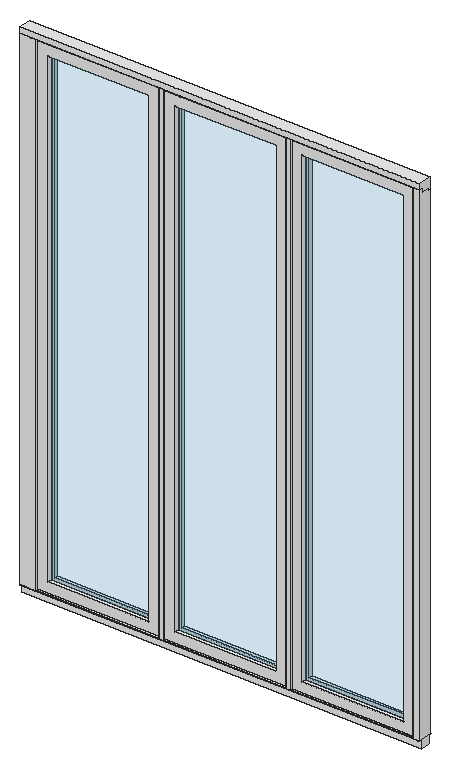
Revit family "Window-NanaWall-SL-73", category Windows, host Wall, Revit 2013 (continued)
Definition of nested family "Sill_SL-73"
  Definition of nested family "Sill_SL73"
    Lines and regions (in)
      detail lines, style "DetailComponents", in view "Ref. Level"
        curve 134: arc (0.2874, -0.90206, 0) -> (0.28045, -0.90252, 0) -> (0.27586, -0.89728, 0) r 0.00787
        curve 135: arc (0.25306, -0.81218, 0) -> (0.25645, -0.7951, 0) -> (0.27207, -0.7874, 0) r 0.01969
        curve 136: arc (-0.2874, -1.62549, 0) -> (-0.28045, -1.62504, 0) -> (-0.27586, -1.63028, 0) r 0.00787
        curve 137: arc (-0.38189, -1.68005, 0) -> (-0.38976, -1.68005, 0) -> (-0.3937, -1.67323, 0) r 0.00787
        curve 138: arc (-0.3937, -1.49213, 0) -> (-0.38976, -1.48531, 0) -> (-0.38189, -1.48531, 0) r 0.00787
        curve 139: arc (-0.27559, -1.53304, 0) -> (-0.27953, -1.53986, 0) -> (-0.2874, -1.53986, 0) r 0.00787
        curve 140: arc (-0.29528, -1.44439, 0) -> (-0.28087, -1.4588, 0) -> (-0.27559, -1.47849, 0) r 0.03937
        curve 141: arc (-0.27559, -1.04907, 0) -> (-0.28087, -1.06876, 0) -> (-0.29528, -1.08317, 0) r 0.03937
        curve 142: arc (-0.2874, -0.9877, 0) -> (-0.27953, -0.9877, 0) -> (-0.27559, -0.99452, 0) r 0.00787
        curve 143: arc (-0.38189, -1.04225, 0) -> (-0.38976, -1.04225, 0) -> (-0.3937, -1.03543, 0) r 0.00787
        curve 144: arc (-0.3937, -0.85433, 0) -> (-0.38976, -0.84751, 0) -> (-0.38189, -0.84751, 0) r 0.00787
        curve 145: arc (-0.27586, -0.89728, 0) -> (-0.28045, -0.90252, 0) -> (-0.2874, -0.90206, 0) r 0.00787
        curve 146: arc (-0.27207, -0.7874, 0) -> (-0.25645, -0.7951, 0) -> (-0.25306, -0.81218, 0) r 0.01969
        curve 147: arc (-0.18549, -1.74311, 0) -> (-0.19533, -1.74047, 0) -> (-0.20253, -1.73327, 0) r 0.01969
        curve 148: arc (0.20253, -1.73327, 0) -> (0.19533, -1.74047, 0) -> (0.18549, -1.74311, 0) r 0.01969
        curve 149: arc (0.3937, -1.65846, 0) -> (0.39139, -1.66403, 0) -> (0.38583, -1.66634, 0) r 0.00787
        curve 150: arc (0.38583, -1.49902, 0) -> (0.39139, -1.50132, 0) -> (0.3937, -1.50689, 0) r 0.00787
        curve 151: arc (0.21447, -1.56299, 0) -> (0.22888, -1.54858, 0) -> (0.24856, -1.54331, 0) r 0.03937
        curve 152: arc (-0.24856, -1.54331, 0) -> (-0.22888, -1.54858, 0) -> (-0.21447, -1.56299, 0) r 0.03937
        curve 153: arc (-0.3937, -1.50689, 0) -> (-0.39139, -1.50132, 0) -> (-0.38583, -1.49902, 0) r 0.00787
        curve 154: arc (-0.38583, -1.66634, 0) -> (-0.39139, -1.66403, 0) -> (-0.3937, -1.65846, 0) r 0.00787
        curve 155: arc (-0.12866, -1.67224, 0) -> (-0.14834, -1.66697, 0) -> (-0.16275, -1.65256, 0) r 0.03937
        curve 156: arc (0.16275, -1.65256, 0) -> (0.14834, -1.66697, 0) -> (0.12866, -1.67224, 0) r 0.03937
        curve 157: arc (-0.27811, -1.62205, 0) -> (-0.26827, -1.62468, 0) -> (-0.26106, -1.63189, 0) r 0.01969
        curve 158: arc (0.26106, -1.63189, 0) -> (0.26827, -1.62468, 0) -> (0.27811, -1.62205, 0) r 0.01969
        curve 159: arc (0.18549, -0.78445, 0) -> (0.19533, -0.78709, 0) -> (0.20253, -0.79429, 0) r 0.01969
        curve 160: arc (-0.20253, -0.79429, 0) -> (-0.19533, -0.78709, 0) -> (-0.18549, -0.78445, 0) r 0.01969
        curve 161: arc (-0.3937, -0.86909, 0) -> (-0.39139, -0.86353, 0) -> (-0.38583, -0.86122, 0) r 0.00787
        curve 162: arc (-0.38583, -1.02854, 0) -> (-0.39139, -1.02624, 0) -> (-0.3937, -1.02067, 0) r 0.00787
        curve 163: arc (-0.21447, -0.96457, 0) -> (-0.22888, -0.97898, 0) -> (-0.24856, -0.98425, 0) r 0.03937
        curve 164: arc (0.24856, -0.98425, 0) -> (0.22888, -0.97898, 0) -> (0.21447, -0.96457, 0) r 0.03937
        curve 165: arc (0.3937, -1.02067, 0) -> (0.39139, -1.02624, 0) -> (0.38583, -1.02854, 0) r 0.00787
        curve 166: arc (0.38583, -0.86122, 0) -> (0.39139, -0.86353, 0) -> (0.3937, -0.86909, 0) r 0.00787
        curve 167: arc (0.12866, -0.85531, 0) -> (0.14834, -0.86059, 0) -> (0.16275, -0.875, 0) r 0.03937
        curve 168: arc (-0.16275, -0.875, 0) -> (-0.14834, -0.86059, 0) -> (-0.12866, -0.85531, 0) r 0.03937
        curve 169: arc (0.27811, -0.90551, 0) -> (0.26827, -0.90287, 0) -> (0.26106, -0.89567, 0) r 0.01969
        curve 170: arc (-0.26106, -0.89567, 0) -> (-0.26827, -0.90287, 0) -> (-0.27811, -0.90551, 0) r 0.01969
        curve 171: arc (1.65354, 0, 0) -> (1.66746, 0.00577, 0) -> (1.67323, 0.01969, 0) r 0.01969
        curve 172: arc (0.60956, -0.2072, 0) -> (0.60566, -0.19981, 0) -> (0.59784, -0.19685, 0) r 0.01181
        curve 173: arc (0.54389, -0.19685, 0) -> (0.53607, -0.19981, 0) -> (0.53217, -0.2072, 0) r 0.01181
        curve 174: arc (0.46457, 0.00394, 0) -> (0.42913, 0.03937, 0) -> (0.3937, 0.00394, 0) r 0.03543
        curve 175: arc (0.27207, -0.7874, 0) -> (0.25645, -0.7951, 0) -> (0.25306, -0.81218, 0) r 0.01969
        curve 176: arc (0.27586, -0.89728, 0) -> (0.28045, -0.90252, 0) -> (0.2874, -0.90206, 0) r 0.00787
        curve 177: arc (0.38189, -0.84751, 0) -> (0.38976, -0.84751, 0) -> (0.3937, -0.85433, 0) r 0.00787
        curve 178: arc (0.3937, -1.03543, 0) -> (0.38976, -1.04225, 0) -> (0.38189, -1.04225, 0) r 0.00787
        curve 179: arc (0.2874, -0.9877, 0) -> (0.27953, -0.9877, 0) -> (0.27559, -0.99452, 0) r 0.00787
        curve 180: arc (0.27559, -1.04907, 0) -> (0.28087, -1.06876, 0) -> (0.29528, -1.08317, 0) r 0.03937
        curve 181: arc (0.29528, -1.44439, 0) -> (0.28087, -1.4588, 0) -> (0.27559, -1.47849, 0) r 0.03937
        curve 182: arc (0.27559, -1.53304, 0) -> (0.27953, -1.53986, 0) -> (0.2874, -1.53986, 0) r 0.00787
        curve 183: arc (0.38189, -1.48531, 0) -> (0.38976, -1.48531, 0) -> (0.3937, -1.49213, 0) r 0.00787
        curve 184: arc (0.3937, -1.67323, 0) -> (0.38976, -1.68005, 0) -> (0.38189, -1.68005, 0) r 0.00787
        curve 185: arc (0.2874, -1.62549, 0) -> (0.28045, -1.62504, 0) -> (0.27586, -1.63028, 0) r 0.00787
        curve 186: arc (0.25306, -1.71538, 0) -> (0.25645, -1.73246, 0) -> (0.27207, -1.74016, 0) r 0.01969
        curve 187: arc (0.3937, -1.74016, 0) -> (0.40293, -1.76243, 0) -> (0.4252, -1.77165, 0) r 0.0315
        curve 188: arc (0.3937, 1.75674, 0) -> (0.38909, 1.74561, 0) -> (0.37795, 1.74099, 0) r 0.01575
        curve 189: arc (0.27611, 1.7843, 0) -> (0.28834, 1.78269, 0) -> (0.29973, 1.77797, 0) r 0.04724
        curve 190: arc (-0.45721, 1.77797, 0) -> (-0.44582, 1.78269, 0) -> (-0.43359, 1.7843, 0) r 0.04724
        curve 191: arc (-0.53543, 1.74099, 0) -> (-0.54657, 1.74561, 0) -> (-0.55118, 1.75674, 0) r 0.01575
        curve 192: arc (-0.55118, 1.29444, 0) -> (-0.54657, 1.30557, 0) -> (-0.53543, 1.31019, 0) r 0.01575
        curve 193: arc (-0.43359, 1.26688, 0) -> (-0.44582, 1.26849, 0) -> (-0.45721, 1.27321, 0) r 0.04724
        curve 194: arc (0.29973, 1.27321, 0) -> (0.28834, 1.26849, 0) -> (0.27611, 1.26688, 0) r 0.04724
        curve 195: arc (0.37795, 1.31019, 0) -> (0.38909, 1.30557, 0) -> (0.3937, 1.29444, 0) r 0.01575
        curve 196: arc (0.3937, 1.16058, 0) -> (0.38909, 1.14945, 0) -> (0.37795, 1.14483, 0) r 0.01575
        curve 197: arc (0.27611, 1.18814, 0) -> (0.28834, 1.18653, 0) -> (0.29973, 1.18181, 0) r 0.04724
        curve 198: arc (-0.45721, 1.18181, 0) -> (-0.44582, 1.18653, 0) -> (-0.43359, 1.18814, 0) r 0.04724
        curve 199: arc (-0.53543, 1.14483, 0) -> (-0.54657, 1.14945, 0) -> (-0.55118, 1.16058, 0) r 0.01575
        curve 200: arc (0.3622, 1.65748, 0) -> (0.31488, 1.67708, 0) -> (0.29528, 1.72441, 0) r 0.06693
        curve 201: arc (0.29528, 1.76691, 0) -> (0.30315, 1.77478, 0) -> (0.31102, 1.76691, 0) r 0.00787
        curve 202: arc (0.77643, 2.70454, 0) -> (0.91553, 2.64165, 0) -> (0.97244, 2.5, 0) r 0.20472
        curve 203: arc (0.76772, 2.77559, 0) -> (0.96259, 2.69487, 0) -> (1.04331, 2.5, 0) r 0.27559
        curve 204: arc (0.85989, 1.06299, 0) -> (0.9516, 1.0689, 0) -> (1.04331, 1.06299, 0) r 0.71502
        curve 205: arc (0.84672, 1.11214, 0) -> (0.84808, 1.11897, 0) -> (0.85433, 1.12205, 0) r 0.00787
        curve 206: arc (0.54331, 1.12205, 0) -> (0.54955, 1.11897, 0) -> (0.55091, 1.11214, 0) r 0.00787
        curve 207: arc (0.37412, 1.06401, 0) -> (0.38261, 1.06691, 0) -> (0.39069, 1.06299, 0) r 0.01181
        curve 208: arc (0.27628, 1.05545, 0) -> (0.2729, 1.0559, 0) -> (0.27002, 1.05773, 0) r 0.00787
        curve 209: arc (0.25394, 1.06892, 0) -> (0.25846, 1.06802, 0) -> (0.26229, 1.06546, 0) r 0.01181
        curve 210: arc (0.24803, 1.06892, 0) -> (0.22576, 1.07815, 0) -> (0.21654, 1.10042, 0) r 0.0315
        curve 211: arc (0.28464, 1.11704, 0) -> (0.28042, 1.11073, 0) -> (0.27323, 1.10829, 0) r 0.01181
        curve 212: arc (0.2994, 1.17214, 0) -> (0.30201, 1.17619, 0) -> (0.30649, 1.17796, 0) r 0.00787
        curve 213: arc (0.30649, 1.17796, 0) -> (0.31087, 1.17696, 0) -> (0.31399, 1.17373, 0) r 0.00787
        curve 214: arc (0.31399, 1.17373, 0) -> (0.31488, 1.16993, 0) -> (0.31382, 1.16616, 0) r 0.00787
        curve 215: arc (0.3357, 1.15353, 0) -> (0.34284, 1.14789, 0) -> (0.34807, 1.14044, 0) r 0.0315
        curve 216: arc (0.3937, 1.12598, 0) -> (0.36784, 1.12361, 0) -> (0.34807, 1.14044, 0) r 0.03346
        curve 217: arc (0.31102, 1.28427, 0) -> (0.30315, 1.2764, 0) -> (0.29528, 1.28427, 0) r 0.00787
        curve 218: arc (0.29528, 1.32677, 0) -> (0.31488, 1.3741, 0) -> (0.3622, 1.3937, 0) r 0.06693
        curve 219: arc (-0.50555, 1.14044, 0) -> (-0.52532, 1.12361, 0) -> (-0.55118, 1.12598, 0) r 0.03346
        curve 220: arc (-0.50555, 1.14044, 0) -> (-0.50032, 1.14789, 0) -> (-0.49318, 1.15353, 0) r 0.0315
        curve 221: arc (-0.46423, 1.17797, 0) -> (-0.45959, 1.17627, 0) -> (-0.45688, 1.17214, 0) r 0.00787
        curve 222: arc (-0.47158, 1.17352, 0) -> (-0.46857, 1.17683, 0) -> (-0.46423, 1.17797, 0) r 0.00787
        curve 223: arc (-0.4713, 1.16616, 0) -> (-0.47235, 1.16981, 0) -> (-0.47158, 1.17352, 0) r 0.00787
        curve 224: arc (-0.43071, 1.10829, 0) -> (-0.4379, 1.11073, 0) -> (-0.44212, 1.11704, 0) r 0.01181
        curve 225: arc (-0.37402, 1.10042, 0) -> (-0.38324, 1.07815, 0) -> (-0.40551, 1.06892, 0) r 0.0315
        curve 226: arc (-0.41977, 1.06546, 0) -> (-0.41594, 1.06802, 0) -> (-0.41142, 1.06892, 0) r 0.01181
        curve 227: arc (-0.4275, 1.05773, 0) -> (-0.43038, 1.0559, 0) -> (-0.43376, 1.05545, 0) r 0.00787
        curve 228: arc (-0.54817, 1.06299, 0) -> (-0.54009, 1.06691, 0) -> (-0.5316, 1.06401, 0) r 0.01181
        curve 229: arc (-0.59055, 1.06299, 0) -> (-0.61839, 1.07452, 0) -> (-0.62992, 1.10236, 0) r 0.03937
        curve 230: arc (-0.88583, 0.98819, 0) -> (-0.89159, 0.97427, 0) -> (-0.90551, 0.9685, 0) r 0.01969
        curve 231: arc (-0.90551, 0.77165, 0) -> (-0.89159, 0.76589, 0) -> (-0.88583, 0.75197, 0) r 0.01969
        curve 232: arc (-0.88583, 0.70472, 0) -> (-0.89736, 0.67689, 0) -> (-0.9252, 0.66535, 0) r 0.03937
        curve 233: arc (-1.08268, 0.5194, 0) -> (-1.09302, 0.4928, 0) -> (-1.11862, 0.48018, 0) r 0.03937
        curve 234: arc (-1.2202, 0.52158, 0) -> (-1.21885, 0.52842, 0) -> (-1.2126, 0.5315, 0) r 0.00787
        curve 235: arc (-1.52362, 0.5315, 0) -> (-1.51738, 0.52842, 0) -> (-1.51602, 0.52158, 0) r 0.00787
        curve 236: arc (-1.7126, 0.47244, 0) -> (-1.62089, 0.47835, 0) -> (-1.52918, 0.47244, 0) r 0.71502
        curve 237: arc (-0.4685, 1.76691, 0) -> (-0.46745, 1.77084, 0) -> (-0.46457, 1.77373, 0) r 0.00787
        curve 238: arc (-0.46457, 1.77373, 0) -> (-0.45669, 1.77373, 0) -> (-0.45276, 1.76691, 0) r 0.00787
        curve 239: arc (-0.45276, 1.72441, 0) -> (-0.47236, 1.67708, 0) -> (-0.51969, 1.65748, 0) r 0.06693
        curve 240: arc (-0.51969, 1.3937, 0) -> (-0.47236, 1.3741, 0) -> (-0.45276, 1.32677, 0) r 0.06693
        curve 241: arc (-0.46457, 1.27746, 0) -> (-0.46745, 1.28034, 0) -> (-0.4685, 1.28427, 0) r 0.00787
        curve 242: arc (-0.45276, 1.28427, 0) -> (-0.45669, 1.27746, 0) -> (-0.46457, 1.27746, 0) r 0.00787
        curve 243: arc (-1.56299, 1.29528, 0) -> (-1.57452, 1.26744, 0) -> (-1.60236, 1.25591, 0) r 0.03937
        curve 244: arc (-1.14961, 1.00787, 0) -> (-1.13, 1.0552, 0) -> (-1.08268, 1.0748, 0) r 0.06693
        curve 245: arc (-0.95276, 1.25591, 0) -> (-0.93315, 1.30323, 0) -> (-0.88583, 1.32283, 0) r 0.06693
        curve 246: arc (0.85989, 1.06299, 0) -> (0.9516, 1.0689, 0) -> (1.04331, 1.06299, 0) r 0.71502
        curve 247: arc (0.61811, 2.31102, 0) -> (0.5847, 2.32486, 0) -> (0.57087, 2.35827, 0) r 0.04724
        curve 248: arc (0.33852, 2.16913, 0) -> (0.33412, 2.17974, 0) -> (0.33852, 2.19034, 0) r 0.015
        curve 249: arc (0.39223, 2.24406, 0) -> (0.39662, 2.25466, 0) -> (0.39223, 2.26527, 0) r 0.015
        curve 250: arc (0.33852, 2.31898, 0) -> (0.33412, 2.32959, 0) -> (0.33852, 2.3402, 0) r 0.015
        curve 251: arc (0.39223, 2.39391, 0) -> (0.39662, 2.40452, 0) -> (0.39223, 2.41512, 0) r 0.015
        curve 252: arc (0.33852, 2.46884, 0) -> (0.33412, 2.47944, 0) -> (0.33852, 2.49005, 0) r 0.015
        curve 253: arc (0.39223, 2.54376, 0) -> (0.39662, 2.55437, 0) -> (0.39223, 2.56497, 0) r 0.015
        curve 254: arc (0.33852, 2.61869, 0) -> (0.33412, 2.62929, 0) -> (0.33852, 2.6399, 0) r 0.015
        curve 255: arc (0.39223, 2.69361, 0) -> (0.39662, 2.70422, 0) -> (0.39223, 2.71483, 0) r 0.015
        curve 256: arc (0.33852, 2.76854, 0) -> (0.33412, 2.77915, 0) -> (0.33852, 2.78975, 0) r 0.015
        curve 257: arc (0.39223, 2.84347, 0) -> (0.39662, 2.85407, 0) -> (0.39223, 2.86468, 0) r 0.015
        curve 258: arc (0.32352, 2.93339, 0) -> (0.32122, 2.95165, 0) -> (0.33833, 2.9584, 0) r 0.015
        curve 259: arc (0.64913, 2.86928, 0) -> (0.66482, 2.85849, 0) -> (0.67086, 2.84044, 0) r 0.03
        curve 260: arc (0.62023, 2.69216, 0) -> (0.62561, 2.70103, 0) -> (0.63597, 2.70036, 0) r 0.01
        curve 261: arc (0.5781, 2.59376, 0) -> (0.56206, 2.58304, 0) -> (0.55586, 2.56478, 0) r 0.03
        curve 262: arc (0.55586, 2.51002, 0) -> (0.56206, 2.49176, 0) -> (0.5781, 2.48104, 0) r 0.03
        curve 263: arc (0.63597, 2.37445, 0) -> (0.62561, 2.37377, 0) -> (0.62023, 2.38264, 0) r 0.01
        curve 264: arc (-0.9618, 2.55309, 0) -> (-0.96235, 2.58878, 0) -> (-0.93382, 2.61024, 0) r 0.03937
        curve 265: arc (-0.96158, 2.68308, 0) -> (-0.91317, 2.76901, 0) -> (-0.82314, 2.80929, 0) r 0.15748
        curve 266: arc (-0.94339, 2.66452, 0) -> (-0.95737, 2.66901, 0) -> (-0.96158, 2.68308, 0) r 0.01575
        curve 267: arc (-0.83291, 2.87943, 0) -> (-0.79166, 2.84943, 0) -> (-0.82314, 2.80929, 0) r 0.03543
        curve 268: arc (-0.82367, 2.68564, 0) -> (-0.79174, 2.66328, 0) -> (-0.8141, 2.63136, 0) r 0.02756
        curve 269: arc (-0.79497, 2.2372, 0) -> (-0.80811, 2.19464, 0) -> (-0.85067, 2.20778, 0) r 0.0315
        curve 270: arc (-1.61417, 2.07874, 0) -> (-1.62809, 2.08451, 0) -> (-1.63386, 2.09843, 0) r 0.01969
        curve 271: arc (-1.49633, 2.07874, 0) -> (-1.4323, 2.05222, 0) -> (-1.40578, 1.98819, 0) r 0.09055
        curve 272: arc (-1.38963, 1.93748, 0) -> (-1.40121, 1.94423, 0) -> (-1.40578, 1.95684, 0) r 0.01969
        curve 273: arc (-1.12849, 1.88842, 0) -> (-1.10101, 1.90741, 0) -> (-1.08201, 1.87993, 0) r 0.02362
        curve 274: arc (-1.08909, 1.84118, 0) -> (-1.10546, 1.81585, 0) -> (-1.13494, 1.80953, 0) r 0.03937
        curve 275: arc (-1.14401, 1.80369, 0) -> (-1.14063, 1.80841, 0) -> (-1.13494, 1.80953, 0) r 0.00787
        curve 276: arc (-1.14401, 1.80369, 0) -> (-1.17118, 1.78613, 0) -> (-1.19039, 1.81216, 0) r 0.02362
        curve 277: arc (-1.1968, 1.82083, 0) -> (-1.19188, 1.81776, 0) -> (-1.19039, 1.81216, 0) r 0.00787
        curve 278: arc (-1.49989, 1.9016, 0) -> (-1.51146, 1.90834, 0) -> (-1.51602, 1.92093, 0) r 0.01965
        curve 279: arc (-1.51602, 1.93701, 0) -> (-1.51025, 1.95093, 0) -> (-1.49633, 1.95669, 0) r 0.01969
        curve 280: arc (-1.47665, 1.97638, 0) -> (-1.48241, 1.96246, 0) -> (-1.49633, 1.95669, 0) r 0.01969
        curve 281: arc (-1.49633, 2.00787, 0) -> (-1.48241, 2.00211, 0) -> (-1.47665, 1.98819, 0) r 0.01969
        curve 282: arc (-1.65748, 2.00787, 0) -> (-1.66325, 1.99395, 0) -> (-1.67717, 1.98819, 0) r 0.01969
        curve 283: arc (-1.10876, 2.77529, 0) -> (-1.08092, 2.76376, 0) -> (-1.06939, 2.73592, 0) r 0.03937
        curve 284: arc (-1.06939, 2.69655, 0) -> (-1.07515, 2.68263, 0) -> (-1.08907, 2.67687, 0) r 0.01968
        curve 285: arc (-1.08907, 2.51938, 0) -> (-1.07515, 2.51362, 0) -> (-1.06939, 2.4997, 0) r 0.01969
        curve 286: arc (-1.06939, 2.47214, 0) -> (-1.08092, 2.4443, 0) -> (-1.10876, 2.43277, 0) r 0.03937
        curve 287: arc (-1.1875, 2.43277, 0) -> (-1.21533, 2.4443, 0) -> (-1.22687, 2.47214, 0) r 0.03937
        curve 288: arc (-1.14401, 1.80369, 0) -> (-1.17118, 1.78613, 0) -> (-1.19039, 1.81216, 0) r 0.02362
        curve 289: arc (-1.19039, 1.81216, 0) -> (-1.19188, 1.81776, 0) -> (-1.1968, 1.82083, 0) r 0.00787
        curve 290: arc (-1.49989, 1.9016, 0) -> (-1.51146, 1.90834, 0) -> (-1.51602, 1.92094, 0) r 0.01965
        curve 291: arc (-1.51602, 1.93701, 0) -> (-1.51025, 1.95093, 0) -> (-1.49633, 1.95669, 0) r 0.01969
        curve 292: arc (-1.49633, 1.95669, 0) -> (-1.48241, 1.96246, 0) -> (-1.47665, 1.97638, 0) r 0.01969
        curve 293: arc (-1.47665, 1.98819, 0) -> (-1.48241, 2.00211, 0) -> (-1.49633, 2.00787, 0) r 0.01969
        curve 294: arc (-1.65748, 2.00787, 0) -> (-1.66325, 1.99395, 0) -> (-1.67717, 1.98819, 0) r 0.01969
        curve 295: arc (-1.10876, 2.77529, 0) -> (-1.08092, 2.76376, 0) -> (-1.06939, 2.73592, 0) r 0.03937
        curve 296: arc (-1.06939, 2.69655, 0) -> (-1.07515, 2.68263, 0) -> (-1.08907, 2.67687, 0) r 0.01968
        curve 297: arc (-1.08907, 2.51938, 0) -> (-1.07515, 2.51362, 0) -> (-1.06939, 2.4997, 0) r 0.01969
        curve 298: arc (-1.06939, 2.47214, 0) -> (-1.08092, 2.4443, 0) -> (-1.10876, 2.43277, 0) r 0.03937
        curve 299: arc (-1.1875, 2.43277, 0) -> (-1.21533, 2.4443, 0) -> (-1.22687, 2.47214, 0) r 0.03937
        curve 300: arc (-1.63386, 2.09843, 0) -> (-1.62809, 2.08451, 0) -> (-1.61417, 2.07874, 0) r 0.01969
        curve 301: arc (-1.49633, 2.07874, 0) -> (-1.4323, 2.05222, 0) -> (-1.40578, 1.98819, 0) r 0.09055
        curve 302: arc (-1.40578, 1.95684, 0) -> (-1.40121, 1.94423, 0) -> (-1.38963, 1.93748, 0) r 0.01969
        curve 303: arc (-1.12849, 1.88842, 0) -> (-1.10101, 1.90741, 0) -> (-1.08201, 1.87993, 0) r 0.02362
        curve 304: line (0.61024, 0.18862, 0) -> (0.61024, 0.50394, 0)
        curve 305: line (0.61793, 0.18486, 0) -> (0.62992, 0.19685, 0)
        curve 306: line (0.62992, 0.19685, 0) -> (0.62992, 0.56693, 0)
        curve 307: line (0.61024, 0.65354, 0) -> (0.61024, 0.71085, 0)
        curve 308: line (0.62992, 0.65354, 0) -> (0.62992, 0.7343, 0)
        curve 309: line (0.61024, 0.59843, 0) -> (0.61024, 0.61811, 0)
        curve 310: line (0.61024, 0.53543, 0) -> (0.61024, 0.56693, 0)
        curve 311: line (0.61024, 0.56693, 0) -> (0.59514, 0.07838, 0)
        curve 312: line (0.62992, 0.59843, 0) -> (0.62992, 0.61811, 0)
        curve 313: line (-0.41339, 0.09843, 0) -> (-0.46459, 0.09843, 0)
        curve 314: line (-0.61794, 0.18487, 0) -> (-0.62992, 0.19685, 0)
        curve 315: line (-0.62994, 0.09843, 0) -> (-0.62994, -0.27559, 0)
        curve 316: line (-0.62994, -0.27559, 0) -> (-0.66932, -0.27559, 0)
        curve 317: line (-0.66932, -0.27559, 0) -> (-0.66932, 0.09843, 0)
        curve 318: line (-0.47246, 0.09843, 0) -> (-0.47246, -0.27559, 0)
        curve 319: line (-0.47246, -0.27559, 0) -> (-0.51183, -0.27559, 0)
        curve 320: line (-0.51183, -0.27559, 0) -> (-0.51183, 0.09843, 0)
        curve 321: line (0.51179, 0.09843, 0) -> (0.51179, -0.27559, 0)
        curve 322: line (0.51179, -0.27559, 0) -> (0.47242, -0.27559, 0)
        curve 323: line (0.47242, -0.27559, 0) -> (0.47242, 0.09843, 0)
        curve 324: line (0.66927, 0.09843, 0) -> (0.66927, -0.27559, 0)
        curve 325: line (0.66927, -0.27559, 0) -> (0.6299, -0.27559, 0)
        curve 326: line (0.6299, -0.27559, 0) -> (0.6299, 0.09843, 0)
        curve 327: line (0.6815, 0.56693, 0) -> (0.66444, 0.07837, 0)
        curve 328: line (0.64685, 0.56693, 0) -> (0.62979, 0.07841, 0)
        curve 329: line (0.69882, 0.56693, 0) -> (0.69882, 0.07874, 0)
        curve 330: line (0.78543, 0.56693, 0) -> (0.80249, 0.07837, 0)
        curve 331: line (0.75079, 0.56693, 0) -> (0.76785, 0.07837, 0)
        curve 332: line (0.71614, 0.56693, 0) -> (0.7332, 0.07837, 0)
        curve 333: line (0.84646, 0.61811, 0) -> (0.84646, 0.56693, 0)
        curve 334: line (0.84646, 0.56693, 0) -> (0.55118, 0.56693, 0)
        curve 335: line (0.55118, 0.56693, 0) -> (0.55118, 0.61811, 0)
        curve 336: line (0.55118, 0.61811, 0) -> (0.84646, 0.61811, 0)
        curve 337: line (-1.38543, 0.56693, 0) -> (-1.40249, 0.07837, 0)
        curve 338: line (-1.42008, 0.56693, 0) -> (-1.43713, 0.07874, 0)
        curve 339: line (-1.45472, 0.56693, 0) -> (-1.47177, 0.07874, 0)
        curve 340: line (-1.36811, 0.56693, 0) -> (-1.36811, 0.07874, 0)
        curve 341: line (-1.2815, 0.56693, 0) -> (-1.26444, 0.07837, 0)
        curve 342: line (-1.31614, 0.56693, 0) -> (-1.29909, 0.07874, 0)
        curve 343: line (-1.35079, 0.56693, 0) -> (-1.33374, 0.07874, 0)
        curve 344: line (-1.48819, 0.56693, 0) -> (-1.51575, 0.56693, 0)
        curve 345: line (-1.51575, 0.56693, 0) -> (-1.51575, 0.61811, 0)
        curve 346: line (-1.51575, 0.61811, 0) -> (-1.22047, 0.61811, 0)
        curve 347: line (-1.22047, 0.61811, 0) -> (-1.22047, 0.56693, 0)
        curve 348: line (-1.22047, 0.56693, 0) -> (-1.51575, 0.56693, 0)
        curve 349: line (-1.51575, 0.56693, 0) -> (-1.51575, 0.61811, 0)
        curve 350: line (-1.51575, 0.61811, 0) -> (-1.22047, 0.61811, 0)
        curve 351: line (-1.22047, 0.61811, 0) -> (-1.22047, 0.56693, 0)
        curve 352: line (-1.22047, 0.56693, 0) -> (-1.24803, 0.56693, 0)
        curve 353: line (-1.19094, 0.65354, 0) -> (-1.54528, 0.65354, 0)
        curve 354: line (-1.17126, 0.63386, 0) -> (-1.17126, 0.55118, 0)
        curve 355: line (-1.19094, 0.5315, 0) -> (-1.23031, 0.5315, 0)
        curve 356: line (-1.23031, 0.5315, 0) -> (-1.21238, 0.46457, 0)
        curve 357: line (-1.21238, 0.46457, 0) -> (-1.24016, 0.46457, 0)
        curve 358: line (-1.27953, 0.53543, 0) -> (-1.27953, 0.50394, 0)
        curve 359: line (-1.56496, 0.55118, 0) -> (-1.56496, 0.63386, 0)
        curve 360: line (-1.49606, 0.46457, 0) -> (-1.52384, 0.46457, 0)
        curve 361: line (-1.52384, 0.46457, 0) -> (-1.50591, 0.5315, 0)
        curve 362: line (-1.50591, 0.5315, 0) -> (-1.54528, 0.5315, 0)
        curve 363: line (-1.45669, 0.50394, 0) -> (-1.45669, 0.53543, 0)
        curve 364: line (0.67717, -0.34252, 0) -> (0.46457, -0.34252, 0)
        curve 365: line (0.46457, -0.34252, 0) -> (0.46457, -1.14961, 0)
        curve 366: line (0.46457, -1.14961, 0) -> (0.62205, -1.14961, 0)
        curve 367: line (0.62205, -1.14961, 0) -> (0.62205, -1.16929, 0)
        curve 368: line (0.58268, -1.20866, 0) -> (0.46457, -1.20866, 0)
        curve 369: line (0.46457, -1.20866, 0) -> (0.46457, -1.50787, 0)
        curve 370: line (0.46457, -1.50787, 0) -> (0.66425, -1.50787, 0)
        curve 371: line (0.72882, -1.33858, 0) -> (0.76024, -1.33858, 0)
        curve 372: line (0.76024, -1.33858, 0) -> (0.76706, -1.35041, 0)
        curve 373: line (0.84711, -1.35041, 0) -> (0.85394, -1.33858, 0)
        curve 374: line (0.85394, -1.33858, 0) -> (0.88536, -1.33858, 0)
        curve 375: line (0.94992, -1.50787, 0) -> (1.09449, -1.50787, 0)
        curve 376: line (1.09449, -1.50787, 0) -> (1.09449, -1.13976, 0)
        curve 377: line (1.09449, -1.13976, 0) -> (0.93307, -1.13976, 0)
        curve 378: line (0.86614, -1.07283, 0) -> (0.86614, -0.50197, 0)
        curve 379: line (0.93307, -0.43504, 0) -> (1.09449, -0.43504, 0)
        curve 380: line (1.09449, -0.43504, 0) -> (1.09449, 0, 0)
        curve 381: line (1.09449, 0, 0) -> (0.9552, 0, 0)
        curve 382: line (0.88536, -0.15748, 0) -> (0.85394, -0.15748, 0)
        curve 383: line (0.85394, -0.15748, 0) -> (0.84711, -0.14565, 0)
        curve 384: line (0.76706, -0.14565, 0) -> (0.76024, -0.15748, 0)
        curve 385: line (0.76024, -0.15748, 0) -> (0.74409, -0.15748, 0)
        curve 386: line (0.74409, -0.15748, 0) -> (0.74409, -0.27559, 0)
        curve 387: line (-0.58268, -1.20866, 0) -> (-0.46457, -1.20866, 0)
        curve 388: line (-0.46457, -1.20866, 0) -> (-0.46457, -1.50787, 0)
        curve 389: line (-0.46457, -1.50787, 0) -> (-0.66425, -1.50787, 0)
        curve 390: line (-0.72882, -1.33858, 0) -> (-0.76024, -1.33858, 0)
        curve 391: line (-0.76024, -1.33858, 0) -> (-0.76706, -1.35041, 0)
        curve 392: line (-0.84711, -1.35041, 0) -> (-0.85394, -1.33858, 0)
        curve 393: line (-0.85394, -1.33858, 0) -> (-0.88536, -1.33858, 0)
        curve 394: line (-0.94992, -1.50787, 0) -> (-1.09449, -1.50787, 0)
        curve 395: line (-1.09449, -1.50787, 0) -> (-1.09449, -1.13976, 0)
        curve 396: line (-1.09449, -1.13976, 0) -> (-0.93307, -1.13976, 0)
        curve 397: line (-0.86614, -1.07283, 0) -> (-0.86614, -0.50197, 0)
        curve 398: line (-0.93307, -0.43504, 0) -> (-1.09449, -0.43504, 0)
        curve 399: line (-1.09449, -0.43504, 0) -> (-1.09449, 0, 0)
        curve 400: line (-1.09449, 0, 0) -> (-0.9552, 0, 0)
        curve 401: line (-0.88536, -0.15748, 0) -> (-0.85394, -0.15748, 0)
        curve 402: line (-0.85394, -0.15748, 0) -> (-0.84711, -0.14565, 0)
        curve 403: line (-0.76706, -0.14565, 0) -> (-0.76024, -0.15748, 0)
        curve 404: line (-0.76024, -0.15748, 0) -> (-0.74409, -0.15748, 0)
        curve 405: line (-0.74409, -0.15748, 0) -> (-0.74409, -0.27559, 0)
        curve 406: line (-0.67717, -0.34252, 0) -> (-0.46457, -0.34252, 0)
        curve 407: line (-0.46457, -0.34252, 0) -> (-0.46457, -1.14961, 0)
        curve 408: line (-0.46457, -1.14961, 0) -> (-0.62205, -1.14961, 0)
        curve 409: line (-0.62205, -1.14961, 0) -> (-0.62205, -1.16929, 0)
        curve 410: line (-0.27559, -1.04907, 0) -> (-0.27559, -0.99452, 0)
        curve 411: line (-0.27559, -0.99452, 0) -> (-0.27559, -1.04907, 0)
        curve 412: line (-0.29528, -1.44439, 0) -> (-0.3937, -1.38757, 0)
        curve 413: line (-0.3937, -1.38757, 0) -> (-0.3937, -1.13999, 0)
        curve 414: line (-0.3937, -1.13999, 0) -> (-0.29528, -1.08317, 0)
        curve 415: line (-0.29528, -1.08317, 0) -> (-0.3937, -1.13999, 0)
        curve 416: line (-0.3937, -1.13999, 0) -> (-0.3937, -1.38757, 0)
        curve 417: line (-0.3937, -1.38757, 0) -> (-0.29528, -1.44439, 0)
        curve 418: line (-0.27559, -1.53304, 0) -> (-0.27559, -1.47849, 0)
        curve 419: line (-0.27559, -1.47849, 0) -> (-0.27559, -1.53304, 0)
        curve 420: line (-0.38189, -1.48531, 0) -> (-0.2874, -1.53986, 0)
        curve 421: line (-0.2874, -1.53986, 0) -> (-0.38189, -1.48531, 0)
        curve 422: line (-0.3937, -1.67323, 0) -> (-0.3937, -1.49213, 0)
        curve 423: line (-0.3937, -1.49213, 0) -> (-0.3937, -1.67323, 0)
        curve 424: line (-0.27586, -1.63028, 0) -> (-0.25306, -1.71538, 0)
        curve 425: line (-0.27207, -1.74016, 0) -> (-0.3937, -1.74016, 0)
        curve 426: line (-0.4252, -1.77165, 0) -> (-0.59441, -1.77165, 0)
        curve 427: line (-0.59441, -1.77165, 0) -> (-0.61024, -1.7126, 0)
        curve 428: line (-0.61024, -1.7126, 0) -> (-0.46457, -1.7126, 0)
        curve 429: line (-0.46457, -1.7126, 0) -> (-0.46457, -1.5748, 0)
        curve 430: line (-0.46457, -1.5748, 0) -> (-0.78663, -1.5748, 0)
        curve 431: line (-0.78663, -1.5748, 0) -> (-0.80709, -1.56299, 0)
        curve 432: line (-0.80709, -1.56299, 0) -> (-0.82754, -1.5748, 0)
        curve 433: line (-0.82754, -1.5748, 0) -> (-1.09449, -1.5748, 0)
        curve 434: line (-1.09449, -1.5748, 0) -> (-1.09449, -1.7126, 0)
        curve 435: line (-1.09449, -1.7126, 0) -> (-1.00394, -1.7126, 0)
        curve 436: line (-1.00394, -1.7126, 0) -> (-1.01976, -1.77165, 0)
        curve 437: line (-1.01976, -1.77165, 0) -> (-1.16142, -1.77165, 0)
        curve 438: line (-1.16142, -1.77165, 0) -> (-1.16142, -1.00008, 0)
        curve 439: line (-1.16142, -1.00008, 0) -> (-1.10236, -0.98425, 0)
        curve 440: line (-1.10236, -0.98425, 0) -> (-1.10236, -1.07283, 0)
        curve 441: line (-1.10236, -1.07283, 0) -> (-0.93307, -1.07283, 0)
        curve 442: line (-0.93307, -1.07283, 0) -> (-0.93307, -0.80786, 0)
        curve 443: line (-0.93307, -0.80786, 0) -> (-0.92126, -0.7874, 0)
        curve 444: line (-0.92126, -0.7874, 0) -> (-0.93307, -0.76694, 0)
        curve 445: line (-0.93307, -0.76694, 0) -> (-0.93307, -0.50197, 0)
        curve 446: line (-0.93307, -0.50197, 0) -> (-1.10236, -0.50197, 0)
        curve 447: line (-1.10236, -0.50197, 0) -> (-1.10236, -0.59055, 0)
        curve 448: line (-1.10236, -0.59055, 0) -> (-1.16142, -0.57473, 0)
        curve 449: line (-1.16142, -0.57473, 0) -> (-1.16142, 0, 0)
        curve 450: line (-1.16142, 0, 0) -> (-1.65354, 0, 0)
        curve 451: line (-1.67323, 0.01969, 0) -> (-1.67323, 0.03937, 0)
        curve 452: line (-1.67323, 0.03937, 0) -> (-1.63386, 0.07874, 0)
        curve 453: line (-1.63386, 0.07874, 0) -> (-1.59055, 0.07874, 0)
        curve 454: line (-1.59055, 0.07874, 0) -> (-1.58268, 0.07087, 0)
        curve 455: line (-1.58268, 0.07087, 0) -> (-1.50394, 0.07087, 0)
        curve 456: line (-1.50394, 0.07087, 0) -> (-1.49606, 0.07874, 0)
        curve 457: line (-1.49606, 0.07874, 0) -> (-1.43307, 0.07874, 0)
        curve 458: line (-1.43307, 0.07874, 0) -> (-1.4252, 0.07087, 0)
        curve 459: line (-1.4252, 0.07087, 0) -> (-1.34646, 0.07087, 0)
        curve 460: line (-1.34646, 0.07087, 0) -> (-1.33858, 0.07874, 0)
        curve 461: line (-1.33858, 0.07874, 0) -> (-1.27559, 0.07874, 0)
        curve 462: line (-1.27559, 0.07874, 0) -> (-1.26772, 0.07087, 0)
        curve 463: line (-1.26772, 0.07087, 0) -> (-1.18898, 0.07087, 0)
        curve 464: line (-1.18898, 0.07087, 0) -> (-1.1811, 0.07874, 0)
        curve 465: line (-1.1811, 0.07874, 0) -> (-1.11811, 0.07874, 0)
        curve 466: line (-1.11811, 0.07874, 0) -> (-1.11024, 0.07087, 0)
        curve 467: line (-1.11024, 0.07087, 0) -> (-1.0315, 0.07087, 0)
        curve 468: line (-1.0315, 0.07087, 0) -> (-1.02362, 0.07874, 0)
        curve 469: line (-1.02362, 0.07874, 0) -> (-0.96063, 0.07874, 0)
        curve 470: line (-0.96063, 0.07874, 0) -> (-0.95276, 0.07087, 0)
        curve 471: line (-0.95276, 0.07087, 0) -> (-0.87402, 0.07087, 0)
        curve 472: line (-0.87402, 0.07087, 0) -> (-0.86614, 0.07874, 0)
        curve 473: line (-0.86614, 0.07874, 0) -> (-0.80315, 0.07874, 0)
        curve 474: line (-0.80315, 0.07874, 0) -> (-0.79528, 0.07087, 0)
        curve 475: line (-0.79528, 0.07087, 0) -> (-0.71654, 0.07087, 0)
        curve 476: line (-0.71654, 0.07087, 0) -> (-0.70866, 0.07874, 0)
        curve 477: line (-0.70866, 0.07874, 0) -> (-0.67717, 0.07874, 0)
        curve 478: line (-0.67717, 0.07874, 0) -> (-0.67717, -0.27559, 0)
        curve 479: line (-0.67717, -0.27559, 0) -> (-0.61811, -0.27559, 0)
        curve 480: line (-0.61811, -0.27559, 0) -> (-0.60956, -0.2072, 0)
        curve 481: line (-0.59784, -0.19685, 0) -> (-0.54389, -0.19685, 0)
        curve 482: line (-0.53217, -0.2072, 0) -> (-0.52362, -0.27559, 0)
        curve 483: line (-0.52362, -0.27559, 0) -> (-0.46457, -0.27559, 0)
        curve 484: line (-0.46457, -0.27559, 0) -> (-0.46457, 0.00394, 0)
        curve 485: line (-0.3937, 0.00394, 0) -> (-0.3937, -0.7874, 0)
        curve 486: line (-0.3937, -0.7874, 0) -> (-0.27207, -0.7874, 0)
        curve 487: line (-0.27207, -0.7874, 0) -> (-0.3937, -0.7874, 0)
        curve 488: line (-0.27586, -0.89728, 0) -> (-0.25306, -0.81218, 0)
        curve 489: line (-0.25306, -0.81218, 0) -> (-0.27586, -0.89728, 0)
        curve 490: line (-0.38189, -0.84751, 0) -> (-0.2874, -0.90206, 0)
        curve 491: line (-0.2874, -0.90206, 0) -> (-0.38189, -0.84751, 0)
        curve 492: line (-0.3937, -1.03543, 0) -> (-0.3937, -0.85433, 0)
        curve 493: line (-0.3937, -0.85433, 0) -> (-0.3937, -1.03543, 0)
        curve 494: line (0.29528, -1.44439, 0) -> (0.3937, -1.38757, 0)
        curve 495: line (0.3937, -1.38757, 0) -> (0.3937, -1.13999, 0)
        curve 496: line (0.3937, -1.13999, 0) -> (0.29528, -1.08317, 0)
        curve 497: line (0.29528, -1.08317, 0) -> (0.3937, -1.13999, 0)
        curve 498: line (0.3937, -1.13999, 0) -> (0.3937, -1.38757, 0)
        curve 499: line (0.3937, -1.38757, 0) -> (0.29528, -1.44439, 0)
        curve 500: line (0.3937, -1.03543, 0) -> (0.3937, -0.85433, 0)
        curve 501: line (0.3937, -0.85433, 0) -> (0.3937, -1.03543, 0)
        curve 502: line (0.3937, -1.67323, 0) -> (0.3937, -1.49213, 0)
        curve 503: line (0.3937, -1.49213, 0) -> (0.3937, -1.67323, 0)
        curve 504: line (0.27559, -1.04907, 0) -> (0.27559, -0.99452, 0)
        curve 505: line (0.27559, -0.99452, 0) -> (0.27559, -1.04907, 0)
        curve 506: line (0.27559, -1.53304, 0) -> (0.27559, -1.47849, 0)
        curve 507: line (0.27559, -1.47849, 0) -> (0.27559, -1.53304, 0)
        curve 508: line (0.27586, -0.89728, 0) -> (0.25306, -0.81218, 0)
        curve 509: line (0.25306, -0.81218, 0) -> (0.27586, -0.89728, 0)
        curve 510: line (0.3937, 0.00394, 0) -> (0.3937, -0.7874, 0)
        curve 511: line (0.3937, -0.7874, 0) -> (0.27207, -0.7874, 0)
        curve 512: line (0.27207, -0.7874, 0) -> (0.3937, -0.7874, 0)
        curve 513: line (0.18549, -1.74311, 0) -> (-0.18549, -1.74311, 0)
        curve 514: line (-0.12866, -1.67224, 0) -> (0.12866, -1.67224, 0)
        curve 515: line (0.38583, -1.66634, 0) -> (0.36457, -1.66634, 0)
        curve 516: line (0.36457, -1.66634, 0) -> (0.28785, -1.62205, 0)
        curve 517: line (0.28785, -1.62205, 0) -> (0.38189, -1.68005, 0)
        curve 518: line (0.38189, -1.68005, 0) -> (0.2874, -1.62549, 0)
        curve 519: line (0.2874, -1.62549, 0) -> (0.27811, -1.62205, 0)
        curve 520: line (-0.27811, -1.62205, 0) -> (-0.2874, -1.62549, 0)
        curve 521: line (-0.2874, -1.62549, 0) -> (-0.38189, -1.68005, 0)
        curve 522: line (-0.38189, -1.68005, 0) -> (-0.2874, -1.62549, 0)
        curve 523: line (-0.2874, -1.62549, 0) -> (-0.36457, -1.66634, 0)
        curve 524: line (-0.36457, -1.66634, 0) -> (-0.38583, -1.66634, 0)
        curve 525: line (-0.38583, -1.49902, 0) -> (-0.36457, -1.49902, 0)
        curve 526: line (-0.36457, -1.49902, 0) -> (-0.28785, -1.54331, 0)
        curve 527: line (-0.28785, -1.54331, 0) -> (-0.24856, -1.54331, 0)
        curve 528: line (0.24856, -1.54331, 0) -> (0.2874, -1.53986, 0)
        curve 529: line (0.2874, -1.53986, 0) -> (0.38189, -1.48531, 0)
        curve 530: line (0.38189, -1.48531, 0) -> (0.28785, -1.54331, 0)
        curve 531: line (0.28785, -1.54331, 0) -> (0.36457, -1.49902, 0)
        curve 532: line (0.36457, -1.49902, 0) -> (0.38583, -1.49902, 0)
        curve 533: line (0.26106, -1.63189, 0) -> (0.20253, -1.73327, 0)
        curve 534: line (0.16275, -1.65256, 0) -> (0.21447, -1.56299, 0)
        curve 535: line (0.3937, -1.50689, 0) -> (0.3937, -1.65846, 0)
        curve 536: line (-0.3937, -1.65846, 0) -> (-0.3937, -1.50689, 0)
        curve 537: line (-0.21447, -1.56299, 0) -> (-0.16275, -1.65256, 0)
        curve 538: line (-0.20253, -1.73327, 0) -> (-0.26106, -1.63189, 0)
        curve 539: line (0.3937, -0.86909, 0) -> (0.3937, -1.02067, 0)
        curve 540: line (0.20253, -0.79429, 0) -> (0.26106, -0.89567, 0)
        curve 541: line (0.21447, -0.96457, 0) -> (0.16275, -0.875, 0)
        curve 542: line (0.38583, -1.02854, 0) -> (0.36457, -1.02854, 0)
        curve 543: line (0.36457, -1.02854, 0) -> (0.28785, -0.98425, 0)
        curve 544: line (0.28785, -0.98425, 0) -> (0.38189, -1.04225, 0)
        curve 545: line (0.38189, -1.04225, 0) -> (0.2874, -0.9877, 0)
        curve 546: line (0.2874, -0.9877, 0) -> (0.24856, -0.98425, 0)
        curve 547: line (-0.24856, -0.98425, 0) -> (-0.2874, -0.9877, 0)
        curve 548: line (-0.2874, -0.9877, 0) -> (-0.38189, -1.04225, 0)
        curve 549: line (-0.38189, -1.04225, 0) -> (-0.2874, -0.9877, 0)
        curve 550: line (-0.2874, -0.9877, 0) -> (-0.36457, -1.02854, 0)
        curve 551: line (-0.36457, -1.02854, 0) -> (-0.38583, -1.02854, 0)
        curve 552: line (0.27811, -0.90551, 0) -> (0.28785, -0.90551, 0)
        curve 553: line (0.28785, -0.90551, 0) -> (0.38189, -0.84751, 0)
        curve 554: line (0.38189, -0.84751, 0) -> (0.2874, -0.90206, 0)
        curve 555: line (0.2874, -0.90206, 0) -> (0.36457, -0.86122, 0)
        curve 556: line (0.36457, -0.86122, 0) -> (0.38583, -0.86122, 0)
        curve 557: line (-0.38583, -0.86122, 0) -> (-0.36457, -0.86122, 0)
        curve 558: line (-0.36457, -0.86122, 0) -> (-0.28785, -0.90551, 0)
        curve 559: line (-0.28785, -0.90551, 0) -> (-0.27811, -0.90551, 0)
        curve 560: line (0.12866, -0.85531, 0) -> (-0.12866, -0.85531, 0)
        curve 561: line (-0.18549, -0.78445, 0) -> (0.18549, -0.78445, 0)
        curve 562: line (-0.16275, -0.875, 0) -> (-0.21447, -0.96457, 0)
        curve 563: line (-0.26106, -0.89567, 0) -> (-0.20253, -0.79429, 0)
        curve 564: line (-0.3937, -1.02067, 0) -> (-0.3937, -0.86909, 0)
        curve 565: line (1.67323, 0.01969, 0) -> (1.67323, 0.03937, 0)
        curve 566: line (1.67323, 0.03937, 0) -> (1.63386, 0.07874, 0)
        curve 567: line (1.63386, 0.07874, 0) -> (1.59055, 0.07874, 0)
        curve 568: line (1.59055, 0.07874, 0) -> (1.58268, 0.07087, 0)
        curve 569: line (1.58268, 0.07087, 0) -> (1.50394, 0.07087, 0)
        curve 570: line (1.50394, 0.07087, 0) -> (1.49606, 0.07874, 0)
        curve 571: line (1.49606, 0.07874, 0) -> (1.43307, 0.07874, 0)
        curve 572: line (1.43307, 0.07874, 0) -> (1.4252, 0.07087, 0)
        curve 573: line (1.4252, 0.07087, 0) -> (1.34646, 0.07087, 0)
        curve 574: line (1.34646, 0.07087, 0) -> (1.33858, 0.07874, 0)
        curve 575: line (1.33858, 0.07874, 0) -> (1.27559, 0.07874, 0)
        curve 576: line (1.27559, 0.07874, 0) -> (1.26772, 0.07087, 0)
        curve 577: line (1.26772, 0.07087, 0) -> (1.18898, 0.07087, 0)
        curve 578: line (1.18898, 0.07087, 0) -> (1.1811, 0.07874, 0)
        curve 579: line (1.1811, 0.07874, 0) -> (1.11811, 0.07874, 0)
        curve 580: line (1.11811, 0.07874, 0) -> (1.11024, 0.07087, 0)
        curve 581: line (1.11024, 0.07087, 0) -> (1.0315, 0.07087, 0)
        curve 582: line (1.0315, 0.07087, 0) -> (1.02362, 0.07874, 0)
        curve 583: line (1.02362, 0.07874, 0) -> (0.96063, 0.07874, 0)
        curve 584: line (0.96063, 0.07874, 0) -> (0.95276, 0.07087, 0)
        curve 585: line (0.95276, 0.07087, 0) -> (0.87402, 0.07087, 0)
        curve 586: line (0.87402, 0.07087, 0) -> (0.86614, 0.07874, 0)
        curve 587: line (0.86614, 0.07874, 0) -> (0.80315, 0.07874, 0)
        curve 588: line (0.80315, 0.07874, 0) -> (0.79528, 0.07087, 0)
        curve 589: line (0.79528, 0.07087, 0) -> (0.71654, 0.07087, 0)
        curve 590: line (0.71654, 0.07087, 0) -> (0.70866, 0.07874, 0)
        curve 591: line (0.70866, 0.07874, 0) -> (0.67717, 0.07874, 0)
        curve 592: line (0.67717, 0.07874, 0) -> (0.67717, -0.27559, 0)
        curve 593: line (0.67717, -0.27559, 0) -> (0.61811, -0.27559, 0)
        curve 594: line (0.61811, -0.27559, 0) -> (0.60956, -0.2072, 0)
        curve 595: line (0.59784, -0.19685, 0) -> (0.54389, -0.19685, 0)
        curve 596: line (0.53217, -0.2072, 0) -> (0.52362, -0.27559, 0)
        curve 597: line (0.52362, -0.27559, 0) -> (0.46457, -0.27559, 0)
        curve 598: line (0.46457, -0.27559, 0) -> (0.46457, 0.00394, 0)
        curve 599: line (0.27586, -1.63028, 0) -> (0.25306, -1.71538, 0)
        curve 600: line (0.27207, -1.74016, 0) -> (0.3937, -1.74016, 0)
        curve 601: line (0.4252, -1.77165, 0) -> (0.59441, -1.77165, 0)
        curve 602: line (0.59441, -1.77165, 0) -> (0.61024, -1.7126, 0)
        curve 603: line (0.61024, -1.7126, 0) -> (0.46457, -1.7126, 0)
        curve 604: line (0.46457, -1.7126, 0) -> (0.46457, -1.5748, 0)
        curve 605: line (0.46457, -1.5748, 0) -> (0.78663, -1.5748, 0)
        curve 606: line (0.78663, -1.5748, 0) -> (0.80709, -1.56299, 0)
        curve 607: line (0.80709, -1.56299, 0) -> (0.82754, -1.5748, 0)
        curve 608: line (0.82754, -1.5748, 0) -> (1.09449, -1.5748, 0)
        curve 609: line (1.09449, -1.5748, 0) -> (1.09449, -1.7126, 0)
        curve 610: line (1.09449, -1.7126, 0) -> (1.00394, -1.7126, 0)
        curve 611: line (1.00394, -1.7126, 0) -> (1.01976, -1.77165, 0)
        curve 612: line (1.01976, -1.77165, 0) -> (1.16142, -1.77165, 0)
        curve 613: line (1.16142, -1.77165, 0) -> (1.16142, -1.00008, 0)
        curve 614: line (1.16142, -1.00008, 0) -> (1.10236, -0.98425, 0)
        curve 615: line (1.10236, -0.98425, 0) -> (1.10236, -1.07283, 0)
        curve 616: line (1.10236, -1.07283, 0) -> (0.93307, -1.07283, 0)
        curve 617: line (0.93307, -1.07283, 0) -> (0.93307, -0.80786, 0)
        curve 618: line (0.93307, -0.80786, 0) -> (0.92126, -0.7874, 0)
        curve 619: line (0.92126, -0.7874, 0) -> (0.93307, -0.76694, 0)
        curve 620: line (0.93307, -0.76694, 0) -> (0.93307, -0.50197, 0)
        curve 621: line (0.93307, -0.50197, 0) -> (1.10236, -0.50197, 0)
        curve 622: line (1.10236, -0.50197, 0) -> (1.10236, -0.59055, 0)
        curve 623: line (1.10236, -0.59055, 0) -> (1.16142, -0.57473, 0)
        curve 624: line (1.16142, -0.57473, 0) -> (1.16142, 0, 0)
        curve 625: line (1.16142, 0, 0) -> (1.65354, 0, 0)
        curve 626: line (-0.55118, 1.75674, 0) -> (-0.55118, 1.8906, 0)
        curve 627: line (-0.55118, 1.8906, 0) -> (-0.55118, 1.75674, 0)
        curve 628: line (-0.55118, 1.75674, 0) -> (-0.55118, 1.73622, 0)
        curve 629: line (-0.55118, 1.73622, 0) -> (-0.52165, 1.73622, 0)
        curve 630: line (-0.51929, 1.73758, 0) -> (-0.4685, 1.76691, 0)
        curve 631: line (0.31102, 1.76691, 0) -> (0.36378, 1.74099, 0)
        curve 632: line (0.36378, 1.74099, 0) -> (0.37795, 1.74099, 0)
        curve 633: line (0.29973, 1.77797, 0) -> (0.31299, 1.77032, 0)
        curve 634: line (0.31299, 1.77032, 0) -> (0.36378, 1.74099, 0)
        curve 635: line (0.36417, 1.73622, 0) -> (0.3937, 1.73622, 0)
        curve 636: line (0.3937, 1.73622, 0) -> (0.3937, 1.75674, 0)
        curve 637: line (0.3937, 1.75674, 0) -> (0.3937, 1.8906, 0)
        curve 638: line (0.3937, 1.8906, 0) -> (0.3937, 1.75674, 0)
        curve 639: line (-0.43359, 1.7843, 0) -> (0.27611, 1.7843, 0)
        curve 640: line (-0.53543, 1.74099, 0) -> (-0.52126, 1.74099, 0)
        curve 641: line (-0.52126, 1.74099, 0) -> (-0.47047, 1.77032, 0)
        curve 642: line (-0.47047, 1.77032, 0) -> (-0.45721, 1.77797, 0)
        curve 643: line (-0.55118, 1.16058, 0) -> (-0.55118, 1.29444, 0)
        curve 644: line (0.3937, 1.16058, 0) -> (0.3937, 1.29444, 0)
        curve 645: line (0.3937, 1.29444, 0) -> (0.3937, 1.16058, 0)
        curve 646: line (0.3937, 1.16058, 0) -> (0.3937, 1.12598, 0)
        curve 647: line (-0.53543, 1.31019, 0) -> (-0.52126, 1.31019, 0)
        curve 648: line (-0.52126, 1.31019, 0) -> (-0.47047, 1.28087, 0)
        curve 649: line (-0.47047, 1.28087, 0) -> (-0.46457, 1.27746, 0)
        curve 650: line (-0.46457, 1.27746, 0) -> (-0.45721, 1.27321, 0)
        curve 651: line (-0.43359, 1.26688, 0) -> (0.27611, 1.26688, 0)
        curve 652: line (0.29973, 1.27321, 0) -> (0.31299, 1.28087, 0)
        curve 653: line (0.31299, 1.28087, 0) -> (0.36378, 1.31019, 0)
        curve 654: line (0.36378, 1.31019, 0) -> (0.37795, 1.31019, 0)
        curve 655: line (0.29973, 1.18181, 0) -> (0.30641, 1.17795, 0)
        curve 656: line (0.30641, 1.17795, 0) -> (0.3141, 1.17351, 0)
        curve 657: line (0.31708, 1.1718, 0) -> (0.33895, 1.15917, 0)
        curve 658: line (0.33895, 1.15917, 0) -> (0.36378, 1.14483, 0)
        curve 659: line (0.36378, 1.14483, 0) -> (0.37795, 1.14483, 0)
        curve 660: line (-0.43359, 1.18814, 0) -> (0.27611, 1.18814, 0)
        curve 661: line (-0.53543, 1.14483, 0) -> (-0.52126, 1.14483, 0)
        curve 662: line (-0.52126, 1.14483, 0) -> (-0.49643, 1.15917, 0)
        curve 663: line (-0.49643, 1.15917, 0) -> (-0.47456, 1.1718, 0)
        curve 664: line (-0.47158, 1.17351, 0) -> (-0.46389, 1.17795, 0)
        curve 665: line (-0.46389, 1.17795, 0) -> (-0.45721, 1.18181, 0)
        curve 666: line (0.29528, 1.72441, 0) -> (0.29528, 1.76691, 0)
        curve 667: line (0.97244, 2.5, 0) -> (0.97244, 1.98819, 0)
        curve 668: line (0.97244, 1.98819, 0) -> (0.83465, 1.98819, 0)
        curve 669: line (0.83465, 1.98819, 0) -> (0.83465, 1.94882, 0)
        curve 670: line (0.83465, 1.94882, 0) -> (0.97244, 1.92913, 0)
        curve 671: line (0.97244, 1.92913, 0) -> (0.97244, 1.79528, 0)
        curve 672: line (0.97244, 1.79528, 0) -> (0.47244, 1.79528, 0)
        curve 673: line (0.47244, 1.79528, 0) -> (0.47244, 1.92913, 0)
        curve 674: line (1.04331, 2.5, 0) -> (1.04331, 1.06299, 0)
        curve 675: line (0.84672, 1.11214, 0) -> (0.85989, 1.06299, 0)
        curve 676: line (0.54331, 1.12205, 0) -> (0.47244, 1.12205, 0)
        curve 677: line (0.47244, 1.12205, 0) -> (0.47244, 1.25591, 0)
        curve 678: line (0.47244, 1.25591, 0) -> (0.97244, 1.25591, 0)
        curve 679: line (0.97244, 1.25591, 0) -> (0.97244, 1.12205, 0)
        curve 680: line (0.97244, 1.12205, 0) -> (0.85433, 1.12205, 0)
        curve 681: line (0.39069, 1.06299, 0) -> (0.53774, 1.06299, 0)
        curve 682: line (0.53774, 1.06299, 0) -> (0.55091, 1.11214, 0)
        curve 683: line (0.37412, 1.06401, 0) -> (0.27628, 1.05545, 0)
        curve 684: line (0.27628, 1.05545, 0) -> (0.26229, 1.06546, 0)
        curve 685: line (0.21654, 1.10042, 0) -> (0.21654, 1.10829, 0)
        curve 686: line (0.21654, 1.10829, 0) -> (0.27323, 1.10829, 0)
        curve 687: line (0.28464, 1.11704, 0) -> (0.2994, 1.17214, 0)
        curve 688: line (0.31382, 1.16616, 0) -> (0.3357, 1.15353, 0)
        curve 689: line (0.3937, 1.29444, 0) -> (0.3937, 1.31496, 0)
        curve 690: line (0.3937, 1.31496, 0) -> (0.36417, 1.31496, 0)
        curve 691: line (0.36181, 1.3136, 0) -> (0.31102, 1.28427, 0)
        curve 692: line (0.29528, 1.28427, 0) -> (0.29528, 1.32677, 0)
        curve 693: line (0.3622, 1.3937, 0) -> (0.3937, 1.3937, 0)
        curve 694: line (0.3937, 1.3937, 0) -> (0.3937, 1.65748, 0)
        curve 695: line (0.3937, 1.65748, 0) -> (0.3622, 1.65748, 0)
        curve 696: line (0.47244, 1.32283, 0) -> (0.47244, 1.72835, 0)
        curve 697: line (0.47244, 1.72835, 0) -> (0.97244, 1.72835, 0)
        curve 698: line (0.97244, 1.72835, 0) -> (0.97244, 1.32283, 0)
        curve 699: line (0.97244, 1.32283, 0) -> (0.47244, 1.32283, 0)
        curve 700: line (-0.54817, 1.06299, 0) -> (-0.59055, 1.06299, 0)
        curve 701: line (-0.4713, 1.16616, 0) -> (-0.49318, 1.15353, 0)
        curve 702: line (-0.44212, 1.11704, 0) -> (-0.45688, 1.17214, 0)
        curve 703: line (-0.37402, 1.10042, 0) -> (-0.37402, 1.10829, 0)
        curve 704: line (-0.37402, 1.10829, 0) -> (-0.43071, 1.10829, 0)
        curve 705: line (-0.5316, 1.06401, 0) -> (-0.4275, 1.05773, 0)
        curve 706: line (-0.4275, 1.05773, 0) -> (-0.41977, 1.06546, 0)
        curve 707: line (-0.62992, 1.10236, 0) -> (-0.62992, 1.25591, 0)
        curve 708: line (-0.62992, 1.25591, 0) -> (-0.88583, 1.25591, 0)
        curve 709: line (-0.88583, 1.25591, 0) -> (-0.88583, 0.98819, 0)
        curve 710: line (-0.90551, 0.77165, 0) -> (-0.9252, 0.77165, 0)
        curve 711: line (-0.9252, 0.77165, 0) -> (-0.9252, 0.73228, 0)
        curve 712: line (-0.9252, 0.73228, 0) -> (-1.08268, 0.73228, 0)
        curve 713: line (-1.08268, 0.73228, 0) -> (-1.08268, 1.00787, 0)
        curve 714: line (-1.08268, 1.00787, 0) -> (-0.9252, 1.00787, 0)
        curve 715: line (-0.9252, 1.00787, 0) -> (-0.9252, 0.9685, 0)
        curve 716: line (-0.9252, 0.9685, 0) -> (-0.90551, 0.9685, 0)
        curve 717: line (-0.88583, 0.75197, 0) -> (-0.88583, 0.70472, 0)
        curve 718: line (-0.9252, 0.66535, 0) -> (-1.08268, 0.66535, 0)
        curve 719: line (-1.08268, 0.66535, 0) -> (-1.08268, 0.5194, 0)
        curve 720: line (-1.2202, 0.52158, 0) -> (-1.20704, 0.47244, 0)
        curve 721: line (-1.20704, 0.47244, 0) -> (-1.11862, 0.48018, 0)
        curve 722: line (-1.52362, 0.5315, 0) -> (-1.64173, 0.5315, 0)
        curve 723: line (-1.64173, 0.5315, 0) -> (-1.64173, 0.66535, 0)
        curve 724: line (-1.64173, 0.66535, 0) -> (-1.14173, 0.66535, 0)
        curve 725: line (-1.14173, 0.66535, 0) -> (-1.14173, 0.5315, 0)
        curve 726: line (-1.14173, 0.5315, 0) -> (-1.2126, 0.5315, 0)
        curve 727: line (-1.52918, 0.47244, 0) -> (-1.51602, 0.52158, 0)
        curve 728: line (-0.45276, 1.76691, 0) -> (-0.45276, 1.72441, 0)
        curve 729: line (-0.51969, 1.65748, 0) -> (-0.55118, 1.65748, 0)
        curve 730: line (-0.55118, 1.65748, 0) -> (-0.55118, 1.3937, 0)
        curve 731: line (-0.55118, 1.3937, 0) -> (-0.51969, 1.3937, 0)
        curve 732: line (-0.45276, 1.28427, 0) -> (-0.45276, 1.32677, 0)
        curve 733: line (-0.55118, 1.12598, 0) -> (-0.55118, 1.16058, 0)
        curve 734: line (-0.55118, 1.16058, 0) -> (-0.55118, 1.29444, 0)
        curve 735: line (-0.55118, 1.29444, 0) -> (-0.55118, 1.31496, 0)
        curve 736: line (-0.55118, 1.31496, 0) -> (-0.52165, 1.31496, 0)
        curve 737: line (-0.51929, 1.3136, 0) -> (-0.4685, 1.28427, 0)
        curve 738: line (-1.14961, 1.00787, 0) -> (-1.14961, 0.73228, 0)
        curve 739: line (-1.14961, 0.73228, 0) -> (-1.64173, 0.73228, 0)
        curve 740: line (-1.64173, 0.73228, 0) -> (-1.64173, 1.25591, 0)
        curve 741: line (-1.64173, 1.25591, 0) -> (-1.60236, 1.25591, 0)
        curve 742: line (-0.95276, 1.25591, 0) -> (-0.95276, 1.0748, 0)
        curve 743: line (-0.95276, 1.0748, 0) -> (-1.08268, 1.0748, 0)
        curve 744: line (-1.56299, 1.29528, 0) -> (-1.56299, 1.32283, 0)
        curve 745: line (-1.56299, 1.32283, 0) -> (-1.64173, 1.32283, 0)
        curve 746: line (-1.64173, 1.32283, 0) -> (-1.64173, 1.72835, 0)
        curve 747: line (-1.64173, 1.72835, 0) -> (-0.62992, 1.72835, 0)
        curve 748: line (-0.62992, 1.72835, 0) -> (-0.62992, 1.32283, 0)
        curve 749: line (-0.62992, 1.32283, 0) -> (-0.88583, 1.32283, 0)
        curve 750: line (0.57087, 2.35827, 0) -> (0.57087, 2.39764, 0)
        curve 751: line (0.57087, 2.39764, 0) -> (0.61024, 2.39764, 0)
        curve 752: line (0.61024, 2.39764, 0) -> (0.61024, 2.35827, 0)
        curve 753: line (0.57087, 2.77559, 0) -> (0.57087, 2.67717, 0)
        curve 754: line (0.57087, 2.67717, 0) -> (0.61024, 2.67717, 0)
        curve 755: line (0.61024, 2.67717, 0) -> (0.61024, 2.70454, 0)
        curve 756: line (0.37412, 2.08661, 0) -> (-0.28729, 2.08661, 0)
        curve 757: line (0.46664, 2.08661, 0) -> (-0.87559, 1.98819, 0)
        curve 758: line (-0.87559, 1.98819, 0) -> (0.46664, 1.98819, 0)
        curve 759: line (0.46664, 1.98819, 0) -> (0.46664, 2.08661, 0)
        curve 760: line (0.46664, 2.08661, 0) -> (-0.34016, 2.08661, 0)
        curve 761: line (-0.34016, 2.08661, 0) -> (-0.87559, 2.08661, 0)
        curve 762: line (-0.87559, 2.08661, 0) -> (0.46664, 1.98819, 0)
        curve 763: line (-0.87559, 1.98819, 0) -> (-0.87559, 2.08661, 0)
        curve 764: line (0.33852, 2.19034, 0) -> (0.39223, 2.24406, 0)
        curve 765: line (0.39223, 2.26527, 0) -> (0.33852, 2.31898, 0)
        curve 766: line (0.33852, 2.3402, 0) -> (0.39223, 2.39391, 0)
        curve 767: line (0.39223, 2.41512, 0) -> (0.33852, 2.46884, 0)
        curve 768: line (0.33852, 2.49005, 0) -> (0.39223, 2.54376, 0)
        curve 769: line (0.39223, 2.56497, 0) -> (0.33852, 2.61869, 0)
        curve 770: line (0.33852, 2.6399, 0) -> (0.39223, 2.69361, 0)
        curve 771: line (0.39223, 2.71483, 0) -> (0.33852, 2.76854, 0)
        curve 772: line (0.33852, 2.78975, 0) -> (0.39223, 2.84347, 0)
        curve 773: line (0.39223, 2.86468, 0) -> (0.32352, 2.93339, 0)
        curve 774: line (0.33833, 2.9584, 0) -> (0.64913, 2.86928, 0)
        curve 775: line (0.67086, 2.84044, 0) -> (0.67086, 2.78059, 0)
        curve 776: line (0.67086, 2.78059, 0) -> (0.57086, 2.78059, 0)
        curve 777: line (0.57086, 2.78059, 0) -> (0.57086, 2.66716, 0)
        curve 778: line (0.57086, 2.66716, 0) -> (0.62023, 2.66716, 0)
        curve 779: line (0.62023, 2.66716, 0) -> (0.62023, 2.69216, 0)
        curve 780: line (0.63597, 2.70036, 0) -> (0.68397, 2.66674, 0)
        curve 781: line (0.68397, 2.66674, 0) -> (0.68397, 2.62213, 0)
